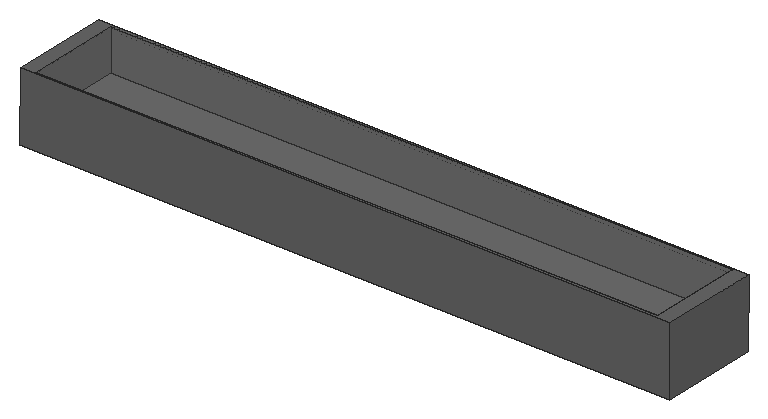
Revit family "Pursuit-S-D", category Lighting Fixtures, host Face, Revit 2014
Parameters (values of type "RN-S-D-02")
  Width [instance] = if(Surface Width < 3.66", 3.65", 4.23")  # 3.65"
  Surface Width [instance] = 3.65"
  Wattage = 41 W
  Warranty = "5-Years Warranty"  # constant formula
  built-in parameter 1150110 = 1 (stored number, unit not read)
  Voltage = 120 V
  Type Comments = "Lighting Fixture"  # constant formula
  built-in parameter 1114217 = 1 (stored number, unit not read)
  Tilt Angle = -90.00°
  built-in parameter 1150109 = 1 (stored number, unit not read)
  built-in parameter 1150134 = 2
  built-in parameter 1150113 = 1 (stored number, unit not read)
  Product Page URL = "https://www.hubbell.com/architecturalarealighting/en/Products/Lighting-Controls/Commercial-Outdoor-Lighting/Wall-Mount/Pursuit-Direct-Down/p/2827611"
  Product Documentation Link = "https://hubbellcdn.com/specsheet/aal_rnd_spec.pdf"
  Power Factor = 1
  Photometric Web File = "RN-D-2-15-5K8-SM-DL.ies"
  Photometric Notes = "More IES files download on Photometric Link"  # constant formula
  Photometric Link = "https://www.hubbell.com/architecturalarealighting/en/Products/Lighting-Controls/Commercial-Outdoor-Lighting/Wall-Mount/Pursuit-Direct-Down/p/2827611"
  zz Length 1 = 24.00"
  Wattage Comments = ""
  URL = "https://www.hubbell.com/architecturalarealighting/en/"
  Mounting = "Surface"  # constant formula
  Model = "Pursuit - Pendant Direct"  # constant formula
  Manufacturer = "Architectural Area Lighting"  # constant formula
  built-in parameter 1150105 = 241.44 (stored number, unit not read)
  Lumens = 3034 lm
  built-in parameter 1150115 = 1 (stored number, unit not read)
  Load Classification = Lighting
  built-in parameter 1150137 = (empty or 0)
  built-in parameter 1150139 = (empty or 0)
  built-in parameter 1150112 = 1 (stored number, unit not read)
  built-in parameter 1150114 = 1 (stored number, unit not read)
  Lamp = "LED"  # constant formula
  built-in parameter 1150132 = (empty or 0)
  built-in parameter 1150102 = (empty or 0)
  built-in parameter 1150107 = 5000 (stored number, unit not read)
  built-in parameter 1150138 = (empty or 0)
  built-in parameter 1150106 = 2.4144 (stored number, unit not read)
  Glass = Glass - Hubbell - White(1)
  Fixture Distribution = "Direct-Symmetric"  # constant formula
  Emit from Rectangle Width = zz Length 1 - 1.00"  # 23.00"
  Emit from Rectangle Length = 3.65"  # constant formula
  Emit Shape Visible in Rendering = no
  built-in parameter 1150104 = 6.8748 (stored number, unit not read)
  Dimming Lamp Color Temperature Shift = <None>
  Description = "Linear Unlimted Low profile linear form factor seamlessly blends with the architecture - day or night. Individual housing lengths can be connected with external lens for seamless and continuous runs up to 150' to meet a variety of applications"  # constant formula
  Default Elevation = 48.00"
  Create Date = "07/17/2018"  # constant formula
  Copyright = "Copyright © 2018 AAL"  # constant formula
  Contact Us = "https://www.hubbell.com/architecturalarealighting/en/contactUs"
  Color Filter = 16777215
  built-in parameter 1114218 = 1 (stored number, unit not read)
  Housing Material = Paint - Hubbell - Black
  built-in parameter 1150133 = 10 (stored number, unit not read)
  Assembly Code = "D5020200"
  Apparent Load = 0 VA
Types (6): name | Wattage | built-in parameter 1150134 | Photometric Web File | zz Length 1 | built-in parameter 1150105 | Lumens | built-in parameter 1150107 | built-in parameter 1150106 | Glass | Emit from Rectangle Width | built-in parameter 1150104
  (no name) | 41 W | 2 | "RN-D-2-15-5K8-SM-DL.ies" | 24.00" | 241.44 (stored number, unit not read) | 3034 lm | 5000 (stored number, unit not read) | 2.4144 (stored number, unit not read) | Glass - Hubbell - White(1) | 23.00" | 6.8748 (stored number, unit not read)
  RN-S-D-02 | 41 W | 2 | "RN-D-2-15-5K8-SM-DL.ies" | 24.00" | 241.44 (stored number, unit not read) | 3034 lm | 5000 (stored number, unit not read) | 2.4144 (stored number, unit not read) | Glass - Hubbell - White(1) | 23.00" | 6.8748 (stored number, unit not read)
  RN-S-D-03 | 38 W | (empty or 0) | "RN-D-3-10-3K8-AS-CL.ies" | 36.00" | 223.77 (stored number, unit not read) | 2812 lm | 3500 (stored number, unit not read) | 2.2377 (stored number, unit not read) | Glass - Hubbell - White | 35.00" | 6.8748 (stored number, unit not read)
  RN-S-D-04 | 52 W | (empty or 0) | "RN-D-2-15-5K8-SM-DL.ies" | 48.00" | 393.11 (stored number, unit not read) | 4940 lm | 3500 (stored number, unit not read) | 3.9311 (stored number, unit not read) | Glass - Hubbell - White | 47.00" | 8.8258 (stored number, unit not read)
  RN-S-D-06 | 41 W | (empty or 0) | "RN-D-3-10-3K8-AS-CL.ies" | 72.00" | 241.44 (stored number, unit not read) | 3034 lm | 3500 (stored number, unit not read) | 2.4144 (stored number, unit not read) | Glass - Hubbell - White | 71.00" | 6.8748 (stored number, unit not read)
  RN-S-D-08 | 41 W | (empty or 0) | "RN-D-2-15-5K8-SM-DL.ies" | 96.00" | 241.44 (stored number, unit not read) | 3034 lm | 3500 (stored number, unit not read) | 2.4144 (stored number, unit not read) | Glass - Hubbell - White | 95.00" | 6.8748 (stored number, unit not read)
Reference planes (in)
  plane 1 "Center (Front/Back)": y = 13.01342
  plane 2: z = 0
  plane 3 "Center (Left/Right)": x = 0
  plane 4: x = -12
  plane 5: x = 12
  plane 6: x = -10.37
  plane 7: x = 10.37
  plane 8: z = 2.5
  plane 9: z = 0
  plane 10: z = 3.65
Dimensions and locks (in)
  equal spacing: plane 5, plane 3 "Center (Left/Right)", plane 4
  "zz Length 1": plane 5 to plane 4
  locked: plane 6 to plane 4 at 1.63
  locked: plane 5 to plane 7 at 1.63
  locked: plane 10 to plane 9 at 3.65
  locked: plane 8 to plane 9 at 2.5
  aligned and locked: plane 2 to host face
  aligned and locked: level to host face
  aligned and locked: plane 3 "Center (Left/Right)" to nested 1
  aligned and locked: plane 1 "Center (Front/Back)" to nested 1
  aligned and locked: plane 8 to imposter light
  aligned and locked: plane 3 "Center (Left/Right)" to imposter light
Automatic sketch dimensions
  host sketch curve to host sketch curve = 96.00"  (x2)
Nested families (in)
  nested 1: "Surface Direct" at (-0.01104, 12.97343, 0), Glass <- "Glass", Backbox <- "Housing Material", Length <- "zz Length 1", Width <- "Width", type "3.65 " Sized"
    with Width 3.65", Length 24.00", Glass Glass - Hubbell - White(1), Backbox Paint - Hubbell - Black
Connectors (in)
  electrical at (0, 13.01342, 0), driven by "Load Classification", driven by "Voltage", driven by "Apparent Load", driven by "Power Factor"
    settings: on nested 1, index 1, voltage 120 V, apparent load 0 VA, apparent load phase1 0 VA, apparent load phase2 0 VA, apparent load phase3 0 VA, power factor 1, load classification "Lighting", number of poles 1, system type 30, power factor state 1, is connector primary yes, connector utility no, sub classification motor no, connector description "Electrical Connector"
Definition of nested family "Surface Direct"
  Parameters (values of type "3.65 " Sized")
    Width [instance] = 3.65"
    Wattage Comments = ""
    URL = ""
    Model = ""
    Manufacturer = ""
    Length [instance] = 36.00"
    Lamp = ""
    Glass [instance] = none
    Description = ""
    Default Elevation = 48.00"
    Backbox [instance] = none
  Types (2): name | Width
    3.65 " Sized | 3.65"
    4.23 " Sized | 4.23"
  Reference planes (in)
    plane 1 "Center (Front/Back)": y = 0.03999
    plane 2: z = 0
    plane 3 "Center (Left/Right)": x = 0.01104
    plane 4: z = 2.55
    plane 5: z = 1
    plane 6: x = -17.98896
    plane 7: x = 18.01104
    plane 8: x = -17.48896
    plane 9: x = 17.51104
    plane 10: y = 1.77499
    plane 11: y = -1.69501
    plane 12: y = -1.78501
    plane 13: y = 1.86499
    plane 14: z = 0.5625
    plane 15: z = 2.425
  Forms (in)
    Extrusion 1, solid
      sketch origin (0, 0, 0.06357) x (1, 0, 0) y (0, 1, 0)
        loop
          line (-48, 48) -> (-48, -48) -> (48, -48) -> (48, 48) -> (-48, 48)
      from -0.06357 to -12.81105
    Extrusion 2, void
      sketch origin (-23.78896, 8.13374, 2) x (0, -1, 0) y (1, 0, 0)
        loop
          line (6.35875, 6.3) -> (9.82875, 6.3) -> (9.82875, 41.3) -> (6.35875, 41.3) -> (6.35875, 6.3)
      from 0.55 to -1
    Extrusion 3, solid, material <- "Backbox"
      sketch origin (0.01104, 0, 0) x (0, 1, 0) y (0, 0, 1)
        loop
          line (1.86499, 2.55) -> (-1.78501, 2.55) -> (-1.78501, 0) -> (1.86499, 0) -> (1.86499, 2.55)
      from -18 to 18
    Extrusion 4, solid, material <- "Glass"
      sketch origin (0, 0, 4.3125) x (0, -1, 0) y (1, 0, 0)
        loop
          line (-1.77499, -17.48896) -> (1.69501, -17.48896) -> (1.69501, 17.51104) -> (-1.77499, 17.51104) -> (-1.77499, -17.48896)
      from -1.8875 to -1.7625
  Cuts and joins
    Extrusion 2 cuts Extrusion 3
  Dimensions and locks (in)
    "Length": plane 7 to plane 6
    locked: plane 8 to plane 6 at 0.5
    locked: plane 7 to plane 9 at 0.5
    equal spacing: plane 7, plane 3 "Center (Left/Right)", plane 6
    locked: plane 4 to plane 2 at 2.55
    plane 14 to plane 2 = 0.5625"
    locked: plane 5 to plane 2 at 1
    locked: plane 4 to plane 15 at 0.125
    equal spacing: plane 10, plane 1 "Center (Front/Back)", plane 11
    locked: plane 13 to plane 10 at 0.09
    locked: plane 11 to plane 12 at 0.09
    "Width": plane 13 to plane 12
    aligned and locked: plane 2 to Extrusion 1
    aligned and locked: plane 10 to Extrusion 2 sketch curve
    aligned and locked: plane 11 to Extrusion 2 sketch curve
    aligned and locked: plane 4 to Extrusion 3 sketch curve
    aligned and locked: plane 13 to Extrusion 3 sketch curve
    aligned and locked: Extrusion 3 sketch curve to level
    aligned and locked: plane 12 to Extrusion 3 sketch curve
    aligned and locked: Extrusion 3 to plane 6
    aligned and locked: plane 7 to Extrusion 3
    aligned and locked: plane 9 to Extrusion 2
    aligned and locked: Extrusion 2 to plane 8
    aligned and locked: plane 4 to Extrusion 4
    aligned and locked: plane 4 to Extrusion 2
    aligned and locked: Extrusion 2 to plane 5
    aligned and locked: Extrusion 4 to plane 15
  Automatic sketch dimensions
    Extrusion 1 sketch curve to Extrusion 1 sketch curve = 96.00"  (x2)
    Extrusion 2 sketch curve to plane 8 = 0.00"
    Extrusion 2 sketch curve to plane 9 = 0.00"
    Extrusion 4 sketch curve to plane 9 = 0.00"
    plane 10 to Extrusion 4 sketch curve = 0.00"
    Extrusion 4 sketch curve to plane 8 = 0.00"
    Extrusion 4 sketch curve to plane 11 = 0.00"
